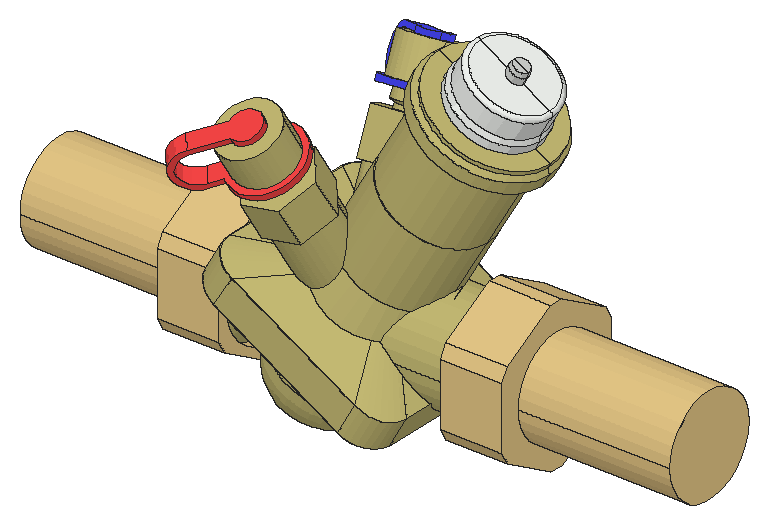
Revit family "РИДАН_Автоматический клапан AQT-R3", category Арматура трубопроводов, Revit 2019
Family settings
  Размер круглого соединителя = Использовать диаметр
  Тип детали = Вставляется
  На основе рабочей плоскости = Нет
  Всегда вертикально = Да
  При загрузке вырезать с полостями = Нет
  Общий = Нет
Parameters (values of type "DN 15 LF с ниппелями")
  Ниппели = yes
  Контакты_Производитель = "info@ridan.ru"  # constant formula
  Изготовитель = "Ридан"  # constant formula
  nip = 1
  h = (a * 2) + (b * 2) + c  # 66.71 mm
  g = size_lookup(LT, "g", 20 mm, ADSK_Диаметр условный, LF_1)  # 22.87 mm
  f = size_lookup(LT, "f", 20 mm, ADSK_Диаметр условный, LF_1)  # 26.3 mm
  e = size_lookup(LT, "e", 20 mm, ADSK_Диаметр условный, LF_1)  # 3.7 mm
  d = size_lookup(LT, "d", 20 mm, ADSK_Диаметр условный, LF_1)  # 24.49 mm
  c = size_lookup(LT, "c", 20 mm, ADSK_Диаметр условный, LF_1)  # 50.69 mm
  b = size_lookup(LT, "b", 20 mm, ADSK_Диаметр условный, LF_1)  # 1.71 mm
  a = size_lookup(LT, "a", 20 mm, ADSK_Диаметр условный, LF_1)  # 6.3 mm
  URL = "https://ridan.ru/"
  LT = "AQT-R3"  # constant formula
  LF_1 = 1
  DP = size_lookup(LT, "DP", 20 mm, ADSK_Диаметр условный, LF_1)  # 20 mm
  ADSK_Расход жидкости = 0.0 L/s
  ADSK_Наименование = size_lookup(LT, "Name", "", ADSK_Диаметр условный, LF_1, nip)  # "Автоматический комбинированный балансировочный клапан AQT-R3 LF с изм. ниппелями, PN16, Tmax=120C, DN15"
  ADSK_Масса_Текст = ""
  ADSK_Масса = size_lookup(LT, "M", 0, ADSK_Диаметр условный, LF_1, nip)  # 0.48
  ADSK_Марка = size_lookup(LT, "Mark", "", ADSK_Диаметр условный, LF_1, nip)  # "AQT-R3 LF DN15"
  ADSK_Количество = 1  # constant formula
  ADSK_Код изделия = size_lookup(LT, "", "", ADSK_Диаметр условный, LF_1, nip)  # "003Z1811R3"
  ADSK_Завод-изготовитель = "ООО «Ридан-Трейд»"  # constant formula
  ADSK_Единица измерения = "шт."
  ADSK_Диаметр условный = 15 mm
  ADSK_Версия семейства = "1.0"  # constant formula
  ADSK_Версия Revit = "2019"  # constant formula
Types (11, lengths in mm): name | Ниппели | nip | h | g | f | e | d | c | a | LF_1 | DP | ADSK_Наименование | ADSK_Масса | ADSK_Марка | ADSK_Код изделия | ADSK_Диаметр условный
  (no name) | yes | 1 | 66.71 | 22.87 | 26.3 | 3.7 | 24.49 | 50.69 | 6.3 | 1 | 20 | "Автоматический комбинированный балансировочный клапан AQT-R3 LF с изм. ниппелями, PN16, Tmax=120C, DN15" | 0.48 | "AQT-R3 LF DN15" | "003Z1811R3" | 15
  DN 15 LF с ниппелями | yes | 1 | 66.71 | 22.87 | 26.3 | 3.7 | 24.49 | 50.69 | 6.3 | 1 | 20 | "Автоматический комбинированный балансировочный клапан AQT-R3 LF с изм. ниппелями, PN16, Tmax=120C, DN15" | 0.48 | "AQT-R3 LF DN15" | "003Z1811R3" | 15
  DN 15 с ниппелями | yes | 1 | 66.71 | 22.87 | 26.3 | 3.7 | 24.49 | 50.69 | 6.3 | 0 | 20 | "Автоматический комбинированный балансировочный клапан AQT-R3 с изм. ниппелями, PN16, Tmax=120C, DN15" | 0.48 | "AQT-R3 DN15" | "003Z1812R3" | 15
  DN 20 с ниппелями | yes | 1 | 83.71 | 29.67 | 33.1 | 4.62 | 31.29 | 64.29 | 8 | 0 | 25 | "Автоматический комбинированный балансировочный клапан AQT-R3 с изм. ниппелями, PN16, Tmax=120C, DN20" | 0.65 | "AQT-R3 DN20" | "003Z1813R3" | 20
  DN 25 с ниппелями | yes | 1 | 105.71 | 38.73 | 42.16 | 5.77 | 40.02 | 81.75 | 10.27 | 0 | 32 | "Автоматический комбинированный балансировочный клапан AQT-R3 с изм. ниппелями, PN16, Tmax=120C, DN25" | 1.45 | "AQT-R3 DN25" | "003Z1814R3" | 25
  DN 32 с ниппелями | yes | 1 | 130 | 44.17 | 47.6 | 7.27 | 51.45 | 102.9 | 11.84 | 0 | 40 | "Автоматический комбинированный балансировочный клапан AQT-R3 с изм. ниппелями, PN16, Tmax=120C, DN32" | 2.21 | "AQT-R3 DN32" | "003Z1815R3" | 32
  DN 15 LF без ниппелей | no | 0 | 66.71 | 22.87 | 26.3 | 3.7 | 24.49 | 50.69 | 6.3 | 1 | 20 | "Автоматический комбинированный балансировочный клапан AQT-R3 LF без изм. ниппелей, PN16, Tmax=120C, DN15" | 0.48 | "AQT-R3 LF DN15" | "003Z1801R3" | 15
  DN 20 без ниппелей | no | 0 | 83.71 | 29.67 | 33.1 | 4.62 | 31.29 | 64.29 | 8 | 0 | 25 | "Автоматический комбинированный балансировочный клапан AQT-R3 без изм. ниппелей, PN16, Tmax=120C, DN20" | 0.65 | "AQT-R3 DN20" | "003Z1803R3" | 20
  DN 25 без ниппелей | no | 0 | 105.71 | 38.73 | 42.16 | 5.77 | 40.02 | 81.75 | 10.27 | 0 | 32 | "Автоматический комбинированный балансировочный клапан AQT-R3 без изм. ниппелей, PN16, Tmax=120C, DN25" | 1.45 | "AQT-R3 DN25" | "003Z1804R3" | 25
  DN 32 без ниппелей | no | 0 | 130 | 44.17 | 47.6 | 7.27 | 51.45 | 102.9 | 11.84 | 0 | 40 | "Автоматический комбинированный балансировочный клапан AQT-R3 без изм. ниппелей, PN16, Tmax=120C, DN32" | 2.21 | "AQT-R3 DN32" | "003Z1805R3" | 32
  DN 15 без ниппелей | no | 0 | 66.71 | 22.87 | 26.3 | 3.7 | 24.49 | 50.69 | 6.3 | 0 | 20 | "Автоматический комбинированный балансировочный клапан AQT-R3 без изм. ниппелей, PN16, Tmax=120C, DN15" | 0.48 | "AQT-R3 DN15" | "003Z1802R3" | 15
Reference planes
  plane 1 "По центру (Вперед/Назад)": y = 0
  plane 2: z = 0
  plane 3 "По центру (Влево/Вправо)": x = 0
  plane 4: x = -32.5
  plane 5: x = -26.2
  plane 6: x = -24.49
  plane 7: x = -3.7
  plane 8: x = 34.21
  plane 9: x = 27.91
  plane 10: x = 26.2
Forms (mm)
  Extrusion 1, solid, material "Латунь корпус", detail levels fine
    sketch origin (0, 0, 0) x (0, 1, 0) y (0, 0, 1)
      loop
        circle (0, 0) r 13.15
    from -32.5 to -26.2
  Blend 2, solid, material "Латунь корпус", detail levels fine
    base sketch origin (0, 0, 0) x (0, 1, 0) y (0, 0, 1)
      loop
        circle (0, 0) r 13.15
    top sketch origin (0, 0, 0) x (0, 1, 0) y (0, 0, 1)
      loop
        circle (0, 0) r 11.435
    from -26.2 to -24.49
  Extrusion 3, solid, material "Латунь корпус", detail levels fine
    sketch origin (0, 0, 0) x (0, 1, 0) y (0, 0, 1)
      loop
        circle (0, 0) r 11.435
    from -24.49 to 26.2
  Blend 4, solid, material "Латунь корпус", detail levels fine
    base sketch origin (0, 0, 0) x (0, 1, 0) y (0, 0, 1)
      loop
        circle (0, 0) r 11.435
    top sketch origin (0, 0, 0) x (0, 1, 0) y (0, 0, 1)
      loop
        circle (0, 0) r 13.15
    from 26.2 to 27.91
  Extrusion 5, solid, material "Латунь корпус", detail levels fine
    sketch origin (0, 0, 0) x (0, 1, 0) y (0, 0, 1)
      loop
        circle (0, 0) r 13.15
    from 27.91 to 34.21
Dimensions and locks
  "e": plane 3 "По центру (Влево/Вправо)" to plane 7
  "d": plane 3 "По центру (Влево/Вправо)" to plane 6
  "b": plane 6 to plane 5
  "a": plane 5 to plane 4
  "c": plane 10 to plane 6
  "b": plane 10 to plane 9
  "a": plane 9 to plane 8
  "f": diameter of Extrusion 1 sketch curve
  "f": diameter of Blend 2 sketch curve
  "g": diameter of Blend 2 sketch curve
  "g": diameter of Extrusion 3 sketch curve
  "g": diameter of Blend 4 sketch curve
  "f": diameter of Blend 4 sketch curve
  "f": diameter of Extrusion 5 sketch curve
  aligned and locked: level to plane 2
  aligned and locked: plane 5 to Extrusion 1
  aligned and locked: Extrusion 1 to plane 4
  aligned and locked: Blend 2 to plane 5
  aligned and locked: plane 6 to Blend 2
  aligned and locked: Extrusion 3 to plane 6
  aligned and locked: Extrusion 3 to plane 10
  aligned and locked: plane 10 to Blend 4
  aligned and locked: Blend 4 to plane 9
  aligned and locked: plane 9 to Extrusion 5
  aligned and locked: Extrusion 5 to plane 8
  aligned and locked: nested 4 to plane 4
  aligned and locked: nested 2 to plane 8
  aligned and locked: nested 6 to plane 4
  aligned and locked: nested 7 to plane 4
Automatic sketch dimensions
  Extrusion 1 sketch curve to level = 0 mm
  Extrusion 1 sketch curve to plane 1 "По центру (Вперед/Назад)" = 0 mm
  Blend 2 sketch curve to level = 0 mm  (x2)
  Blend 2 sketch curve to plane 1 "По центру (Вперед/Назад)" = 0 mm  (x2)
  Extrusion 3 sketch curve to level = 0 mm
  Extrusion 3 sketch curve to plane 1 "По центру (Вперед/Назад)" = 0 mm
  Blend 4 sketch curve to level = 0 mm  (x2)
  Blend 4 sketch curve to plane 1 "По центру (Вперед/Назад)" = 0 mm  (x2)
  Extrusion 5 sketch curve to level = 0 mm
  Extrusion 5 sketch curve to plane 1 "По центру (Вперед/Назад)" = 0 mm
Nested families
  nested 1: "Мембрана" at (-3.7, 0, 0) x (0.866, 0, -0.5) z (0.5, 0, 0.866), DN <- "ADSK_Диаметр условный", Ниппели <- "Ниппели", type "Мембрана"
    with Ниппели yes, n1 10.48 mm, m1 4.25 mm, l1 7.61 mm, k1 5.03 mm, j1 31.25 mm, i1 2.91 mm, h1 19.03 mm, g1 13.21 mm, f1 6.87 mm, e1 31.25 mm, d1 45 mm, c1 12.25 mm, b1 13.9 mm, a1 33.35 mm, a 25 mm, DN 15 mm
  nested 2: "РИДАН_Резьбовой фитинг" at (34.21, 0, 0), DN1 <- "DP", type "Резьбовой присоед. фитинг"
    with SWD1 33 mm, SWD 34.641 mm, SW 30 mm, SN 6, S8 no, S6 yes, L 47 mm, E 38 mm, DN2 15 mm, DN1 20 mm, D2 26.5 mm, D1 21.5 mm, C 13.5 mm, ADSK_Позиция_Комплект 0, ADSK_Группирование ""
  nested 3: "Влж_РИДАН_Резьбовой фитинг" at (34.21, 0, 0), type "Резьбовой присоед. фитинг"
    with DN1 20 mm, ADSK_Позиция_Сортировка 0.001, ADSK_Позиция_Комплект 0, ADSK_Наименование "Резьбовые присоед. фитинги для APT-R DN 15", ADSK_Код изделия "003Z0232R", ADSK_Группирование ""
  nested 4: "РИДАН_Резьбовой фитинг" at (-32.5, 0, 0) x (-1, 0, 0) z (0, 0, -1), DN1 <- "DP", type "Резьбовой присоед. фитинг"
    with SWD1 33 mm, SWD 34.641 mm, SW 30 mm, SN 6, S8 no, S6 yes, L 47 mm, E 38 mm, DN2 15 mm, DN1 20 mm, D2 26.5 mm, D1 21.5 mm, C 13.5 mm, ADSK_Позиция_Комплект 0, ADSK_Группирование ""
  nested 5: "Влж_РИДАН_Резьбовой фитинг" at (-32.5, 0, 0) x (-1, 0, 0) z (0, 0, -1), type "Резьбовой присоед. фитинг"
    with DN1 20 mm, ADSK_Позиция_Сортировка 0.001, ADSK_Позиция_Комплект 0, ADSK_Наименование "Резьбовые присоед. фитинги для APT-R DN 15", ADSK_Код изделия "003Z0232R", ADSK_Группирование ""
  nested 6: "УГО_АТ_Клапан регулирующий проходной" at (0.855, 0, 0), УГО_Длина <- "h", type "УГО_АТ_Клапан регулирующий проходной", detail levels coarse+medium
    with УГО_Стрелка 33.355 mm, УГО_Длина 66.71 mm, h1 38.515 mm, h 19.258 mm, a1 16.678 mm, a 33.355 mm
  nested 7: "УГО_ЭУ_Клапан регулирующий проходной" at (0.855, 0, 0), УГО_Длина <- "h", type "УГО_ЭУ_Клапан регулирующий проходной", detail levels coarse+medium
    with УГО_Длина 66.71 mm, h 38.515 mm, A1 16.678 mm, A 33.355 mm
Connectors
  piping at (-70.5, 0, 0), diameter 15, driven by "ADSK_Диаметр условный", driven by "ADSK_Расход жидкости"
    settings: on nested 4, index 1, connector inside diameter 609.6 mm, connector length 0 mm, flow factor 0, pipe flow 0.0 L/s, pressure drop 0.0 Pa, fitting loss kfactor 0, connector angle 0.00°, fixture units 0, engagement length 0 mm, angle of deflection 0.00°, flow configuration 0, flow direction 1, fitting loss method 0, system type 29, joint type 0, gender type 0, connector reference index 2, connector utility 0, adjustable connector no, is connector primary yes, connector description ""
  piping at (72.21, 0, 0), diameter 15, driven by "ADSK_Диаметр условный", driven by "ADSK_Расход жидкости"
    settings: on nested 2, index 2, connector inside diameter 609.6 mm, connector length 0 mm, flow factor 0, pipe flow 0.0 L/s, pressure drop 0.0 Pa, fitting loss kfactor 0, connector angle 0.00°, fixture units 0, engagement length 0 mm, angle of deflection 0.00°, flow configuration 0, flow direction 2, fitting loss method 0, system type 29, joint type 0, gender type 0, connector reference index 1, connector utility 0, adjustable connector no, is connector primary no, connector description ""
Definition of nested family "Мембрана"
  Parameters (values of type "Мембрана")
    Ниппели [instance] = yes
    n1 [instance] = size_lookup(LT, "n1", 20 mm, DN)  # 10.48 mm
    m1 [instance] = size_lookup(LT, "m1", 20 mm, DN)  # 4.25 mm
    l1 [instance] = size_lookup(LT, "l1", 20 mm, DN)  # 7.61 mm
    k1 [instance] = size_lookup(LT, "k1", 20 mm, DN)  # 5.03 mm
    j1 [instance] = size_lookup(LT, "j1", 20 mm, DN)  # 31.25 mm
    i1 [instance] = size_lookup(LT, "i1", 20 mm, DN)  # 2.91 mm
    h1 [instance] = size_lookup(LT, "h1", 20 mm, DN)  # 19.03 mm
    g1 [instance] = size_lookup(LT, "g1", 20 mm, DN)  # 13.21 mm
    f1 [instance] = size_lookup(LT, "f1", 20 mm, DN)  # 6.87 mm
    e1 [instance] = size_lookup(LT, "e1", 20 mm, DN)  # 31.25 mm
    d1 [instance] = size_lookup(LT, "d1", 20 mm, DN)  # 45 mm
    c1 [instance] = size_lookup(LT, "c1", 20 mm, DN)  # 12.25 mm
    b1 [instance] = size_lookup(LT, "b1", 20 mm, DN)  # 13.9 mm
    a1 [instance] = size_lookup(LT, "a1", 20 mm, DN)  # 33.35 mm
    a [instance] = size_lookup(LT, "a", 20 mm, DN)  # 25 mm
    LT = "AQT-R3_1"  # constant formula
    DN [instance] = 15 mm
  Reference planes
    plane 1 "По центру (Вперед/Назад)": y = 0
    plane 2: z = 0
    plane 3 "По центру (Влево/Вправо)": x = 0
    plane 4: z = 33.35
    plane 5: z = 15.51
    plane 6: z = 9.28
    plane 7: z = 5.03
    plane 8: z = -2.58
    plane 9: z = -13.9
    plane 10: y = 22.5
    plane 11: y = -22.5
    plane 12: y = 15.625
    plane 13: y = -15.625
    plane 14: x = -15.625
    plane 15: x = 15.625
    plane 16: x = -22.5
    plane 17: x = 22.5
    plane 18: x = -9.515
    plane 19: x = -6.605
    plane 20: x = 9.515
    plane 21: x = 6.605
    plane 22: y = 9.515
    plane 23: y = 6.605
    plane 24: y = -9.515
    plane 25: y = -6.605
  Forms (mm)
    Extrusion 1, solid, detail levels fine
      sketch origin (0, 0, 0) x (1, 0, 0) y (0, 1, 0)
        loop
          arc (-15.625, 22.5) -> (-20.488, 20.488) -> (-22.5, 15.625) r 6.87
          line (-22.5, 15.625) -> (-22.5, -15.625)
          arc (-22.5, -15.625) -> (-20.486, -20.486) -> (-15.625, -22.5) r 6.875
          line (-15.625, -22.5) -> (15.625, -22.5)
          arc (15.625, -22.5) -> (20.486, -20.486) -> (22.5, -15.625) r 6.875
          line (22.5, -15.625) -> (22.5, 15.625)
          arc (22.5, 15.625) -> (20.486, 20.486) -> (15.625, 22.5) r 6.875
          line (15.625, 22.5) -> (-15.625, 22.5)
      from -2.58 to 5.03
    Blend 2, solid, detail levels fine
      base sketch origin (0, 0, 0) x (1, 0, 0) y (0, 1, 0)
        loop
          arc (-15.625, 22.5) -> (-20.488, 20.488) -> (-22.5, 15.625) r 6.87
          line (-22.5, 15.625) -> (-22.5, -15.625)
          arc (-22.5, -15.625) -> (-20.486, -20.486) -> (-15.625, -22.5) r 6.875
          line (-15.625, -22.5) -> (15.625, -22.5)
          arc (15.625, -22.5) -> (20.486, -20.486) -> (22.5, -15.625) r 6.875
          line (22.5, -15.625) -> (22.5, 15.625)
          arc (22.5, 15.625) -> (20.486, 20.486) -> (15.625, 22.5) r 6.875
          line (15.625, 22.5) -> (-15.625, 22.5)
      top sketch origin (0, 0, 0) x (1, 0, 0) y (0, 1, 0)
        loop
          arc (-6.605, 9.515) -> (-8.663, 8.663) -> (-9.515, 6.605) r 2.91
          line (-9.515, 6.605) -> (-9.515, -6.605)
          arc (-9.515, -6.605) -> (-8.663, -8.663) -> (-6.605, -9.515) r 2.91
          line (-6.605, -9.515) -> (6.605, -9.515)
          arc (6.605, -9.515) -> (8.663, -8.663) -> (9.515, -6.605) r 2.91
          line (9.515, -6.605) -> (9.515, 6.605)
          arc (9.515, 6.605) -> (8.663, 8.663) -> (6.605, 9.515) r 2.91
          line (6.605, 9.515) -> (-6.605, 9.515)
      from 5.03 to 9.28
    Blend 3, solid, detail levels fine
      base sketch origin (0, 0, 0) x (1, 0, 0) y (0, 1, 0)
        loop
          line (-22.5, 15.625) -> (-22.5, -15.625)
          arc (-22.5, -15.625) -> (-20.486, -20.486) -> (-15.625, -22.5) r 6.875
          line (-15.625, -22.5) -> (15.625, -22.5)
          arc (15.625, -22.5) -> (20.486, -20.486) -> (22.5, -15.625) r 6.875
          line (22.5, -15.625) -> (22.5, 15.625)
          arc (22.5, 15.625) -> (20.486, 20.486) -> (15.625, 22.5) r 6.875
          line (15.625, 22.5) -> (-15.625, 22.5)
          arc (-15.625, 22.5) -> (-20.488, 20.488) -> (-22.5, 15.625) r 6.87
      top sketch origin (0, 0, 0) x (1, 0, 0) y (0, 1, 0)
        loop
          arc (-6.605, 9.515) -> (-8.663, 8.663) -> (-9.515, 6.605) r 2.91
          line (-9.515, 6.605) -> (-9.515, -6.605)
          arc (-9.515, -6.605) -> (-8.663, -8.663) -> (-6.605, -9.515) r 2.91
          line (-6.605, -9.515) -> (6.605, -9.515)
          arc (6.605, -9.515) -> (8.663, -8.663) -> (9.515, -6.605) r 2.91
          line (9.515, -6.605) -> (9.515, 6.605)
          arc (9.515, 6.605) -> (8.663, 8.663) -> (6.605, 9.515) r 2.91
          line (6.605, 9.515) -> (-6.605, 9.515)
      from -2.58 to -13.9
    Blend 4, solid, detail levels fine
      base sketch origin (0, 0, 0) x (1, 0, 0) y (0, 1, 0)
        loop
          circle (0, 0) r 15.625
      top sketch origin (0, 0, 0) x (1, 0, 0) y (0, 1, 0)
        loop
          circle (0, 0) r 12.25
      from 5.03 to 15.51
    Extrusion 5, solid, detail levels fine
      sketch origin (0, 0, 0) x (1, 0, 0) y (0, 1, 0)
        loop
          circle (0, 0) r 12.25
      from -13.9 to 33.35
    Revolve 6, solid, detail levels fine
      sketch origin (0, 0, 0) x (1, 0, 0) y (0, 0, 1)
        loop
          line (0, -13.9) -> (0, -26.15)
          arc (0, -26.15) -> (8.662, -22.562) -> (12.25, -13.9) r 12.25
          line (12.25, -13.9) -> (0, -13.9)
        axis (0, -13.9) -> (0, -26.15)
      angle from 0 to 360
  Cuts and joins
    joined: Blend 4, Extrusion 5, Revolve 6
  Lines and regions (mm)
    reference lines
      curve 1: line (0, 0, 0) -> (-5, 0, 8.66)
  Dimensions and locks
    "k1": plane 7 to plane 2
    "l1": plane 7 to plane 8
    "b1": plane 2 to plane 9
    "m1": plane 6 to plane 7
    "n1": plane 5 to plane 7
    "a1": plane 4 to plane 2
    equal spacing: plane 10, plane 1 "По центру (Вперед/Назад)", plane 11
    "d1": plane 10 to plane 11
    equal spacing: plane 12, plane 1 "По центру (Вперед/Назад)", plane 13
    "e1": plane 12 to plane 13
    equal spacing: plane 14, plane 3 "По центру (Влево/Вправо)", plane 15
    "e1": plane 14 to plane 15
    equal spacing: plane 16, plane 3 "По центру (Влево/Вправо)", plane 17
    "d1": plane 16 to plane 17
    equal spacing: plane 23, plane 1 "По центру (Вперед/Назад)", plane 25
    "g1": plane 23 to plane 25
    equal spacing: plane 22, plane 1 "По центру (Вперед/Назад)", plane 24
    "h1": plane 22 to plane 24
    equal spacing: plane 19, plane 3 "По центру (Влево/Вправо)", plane 21
    "g1": plane 19 to plane 21
    equal spacing: plane 18, plane 3 "По центру (Влево/Вправо)", plane 20
    "h1": plane 18 to plane 20
    "c1": Revolve 6 sketch curve to Revolve 6 sketch curve
    "j1": diameter of Blend 4 sketch curve
    "c1": radius of Blend 4 sketch curve
    "c1": radius of Extrusion 5 sketch curve
    "c1": radius of Revolve 6 sketch curve
    aligned and locked: level to plane 2
    aligned and locked: Extrusion 1 sketch curve to plane 10
    aligned and locked: plane 14 to Extrusion 1 sketch curve  (x3)
    aligned and locked: plane 15 to Extrusion 1 sketch curve  (x4)
    aligned and locked: plane 11 to Extrusion 1 sketch curve
    aligned and locked: Extrusion 1 sketch curve to plane 16
    aligned and locked: plane 12 to Extrusion 1 sketch curve  (x3)
    aligned and locked: plane 13 to Extrusion 1 sketch curve  (x3)
    aligned and locked: Extrusion 1 to plane 8
    aligned and locked: Blend 2 sketch curve to plane 22
    aligned and locked: plane 20 to Blend 2 sketch curve
    aligned and locked: Blend 2 sketch curve to plane 24
    aligned and locked: Blend 2 sketch curve to plane 18
    aligned and locked: plane 19 to Blend 2 sketch curve  (x3)
    aligned and locked: plane 21 to Blend 2 sketch curve  (x4)
    aligned and locked: plane 23 to Blend 2 sketch curve  (x4)
    aligned and locked: plane 25 to Blend 2 sketch curve  (x4)
    aligned and locked: Blend 3 to plane 9
    aligned and locked: plane 6 to Blend 2
    aligned and locked: Blend 2 to plane 7
    aligned and locked: plane 7 to Extrusion 1
    aligned and locked: plane 8 to Blend 3
    aligned and locked: Blend 4 to plane 7
    aligned and locked: plane 5 to Blend 4
    aligned and locked: plane 4 to Extrusion 5
    aligned and locked: Revolve 6 sketch curve to plane 9
    aligned and locked: plane 3 "По центру (Влево/Вправо)" to Revolve 6 sketch curve
    aligned and locked: Extrusion 5 to plane 9
    aligned and locked: nested 1 to plane 4
  Automatic sketch dimensions
    plane 12 to Extrusion 1 sketch curve = 0.005 mm
    plane 13 to Blend 2 sketch curve = 0 mm  (x2)
    Blend 2 sketch curve to plane 16 = 0 mm
    Blend 2 sketch curve to plane 14 = 0 mm  (x2)
    Blend 2 sketch curve to plane 10 = 0 mm
    Blend 2 sketch curve to plane 15 = 0 mm  (x2)
    Blend 2 sketch curve to plane 12 = 0 mm
    plane 12 to Blend 2 sketch curve = 0.005 mm
    Blend 3 sketch curve to plane 12 = 0 mm  (x2)
    Blend 3 sketch curve to plane 16 = 0 mm
    plane 13 to Blend 3 sketch curve = 0 mm
    Blend 3 sketch curve to plane 14 = 0 mm  (x2)
    Blend 3 sketch curve to plane 10 = 0 mm
    Blend 3 sketch curve to plane 15 = 0 mm  (x2)
    plane 12 to Blend 3 sketch curve = 0.005 mm
    Blend 3 sketch curve to plane 18 = 0 mm
    Blend 3 sketch curve to plane 19 = 0 mm  (x2)
    Blend 3 sketch curve to plane 21 = 0 mm  (x2)
    Blend 3 sketch curve to plane 20 = 0 mm
    plane 24 to Blend 3 sketch curve = 0 mm
    Blend 3 sketch curve to plane 23 = 0 mm
    curve 1 to level = 0 mm
    curve 1 to plane 3 "По центру (Влево/Вправо)" = 0 mm
    curve 1 to plane 6 = 0.62 mm
    plane 19 to curve 1 = 1.605 mm
    plane 1 "По центру (Вперед/Назад)" to Blend 4 sketch curve = 0 mm  (x2)
    Blend 4 sketch curve to plane 3 "По центру (Влево/Вправо)" = 0 mm  (x2)
    plane 1 "По центру (Вперед/Назад)" to Extrusion 5 sketch curve = 0 mm
    Extrusion 5 sketch curve to plane 3 "По центру (Влево/Вправо)" = 0 mm
    Revolve 6 sketch curve to plane 3 "По центру (Влево/Вправо)" = 0 mm
    Revolve 6 sketch curve to Revolve 6 sketch curve = 5.889 mm
    level to Revolve 6 sketch curve = 1.768 mm
  Nested families
    nested 1: "Шток" at (0, 0, 33.35), type "Шток"
    nested 2: "Ниппель" at (-2.292, -2.292, 3.158) x (0.5, 0.5, 0.7071) z (-0.5, -0.5, 0.7071), a <- "a", visible <- "Ниппели", type "Красный"
      with a 25 mm
    nested 3: "Ниппель" at (0, 0, 0) x (0.5, -0.5, 0.7071) z (-0.5, 0.5, 0.7071), a <- "a", visible <- "Ниппели", type "Синий"
      with a 25 mm
  Definition of nested family "Шток"
    Reference planes
      plane 1 "По центру (Вперед/Назад)": y = 0
      plane 2: z = 0
      plane 3 "По центру (Влево/Вправо)": x = 0
    Forms (mm)
      Revolve 1, solid, detail levels fine
        sketch origin (0, 0, 0) x (1, 0, 0) y (0, 0, 1)
          loop
            line (-12.25, 17.912) -> (-12.25, 0) -> (0, 0) -> (0, 24.5) -> (-14, 24.5) -> (-14, 23.5) -> (-15, 22.5) -> (-15, 19.5) -> (-12.25, 17.912)
          axis (0, 24.5) -> (0, 0)
        angle from 0 to 360
      Revolve 2, solid, detail levels fine
        sketch origin (0, 0, 0) x (1, 0, 0) y (0, 0, 1)
          loop
            line (-10.2, 26.493) -> (-10.2, 24.5) -> (0, 24.5) -> (0, 33.412) -> (-8.77, 33.412)
            arc (-8.77, 33.412) -> (-9.422, 33.142) -> (-9.692, 32.49) r 0.922
            line (-9.692, 32.49) -> (-9.692, 27.816) -> (-10.2, 26.493)
          axis (0, 33.412) -> (0, 24.5)
        angle from 0 to 360
      Revolve 3, solid, detail levels fine
        sketch origin (0, 0, 0) x (1, 0, 0) y (0, 0, 1)
          loop
            line (-2, 33.153) -> (0, 33.153) -> (0, 36.2) -> (-1.732, 36.2) -> (-2, 35.2) -> (-2, 33.153)
          axis (0, 36.2) -> (0, 33.153)
        angle from 0 to 360
    Dimensions and locks
      aligned and locked: level to plane 2
  Definition of nested family "Ниппель"
    Parameters (values of type "Красный")
      Цвет = none
      m = 14 mm
      a [instance] = 25 mm
    Types (3, lengths in mm): name | a
      (no name) | 25
      Красный | 25
      Синий | 12.631
    Reference planes
      plane 1 "По центру (Вперед/Назад)": y = 0
      plane 2: z = 0
      plane 3 "По центру (Влево/Вправо)": x = 0
      plane 4: z = 25
    Forms (mm)
      Extrusion 1, solid, detail levels fine
        sketch origin (0, 0, 25) x (1, 0, 0) y (0, 1, 0)
          loop
            line (0, 8.083) -> (-7, 4.041) -> (-7, -4.041) -> (0, -8.083) -> (7, -4.041) -> (7, 4.041) -> (0, 8.083)
        from 0 to 9.815
      Revolve 2, solid, detail levels fine
        sketch origin (0, 0, 25) x (1, 0, 0) y (0, 0, 1)
          loop
            line (-4.72, 13.704) -> (-4.72, 11.423) -> (-3.751, 10.864) -> (-3.751, 9.815) -> (0, 9.815) -> (0, 13.704) -> (-4.72, 13.704)
          axis (0, 13.704) -> (0, 9.815)
        angle from 0 to 360
      Extrusion 3, solid, detail levels fine
        sketch origin (0, 0, 25) x (1, 0, 0) y (0, 1, 0)
          loop
            circle (0, 0) r 6.663
        from 15.045 to 23.344
      Extrusion 4, solid, material <- "Цвет", detail levels fine
        sketch origin (0, 0, 25) x (1, 0, 0) y (0, 1, 0)
          loop
            circle (0, 0) r 8.083
        from 13.704 to 15.045
      Extrusion 5, solid, material <- "Цвет", detail levels fine
        sketch origin (0, 0, 25) x (1, 0, 0) y (0, 1, 0)
          loop
            circle (0, 0) r 3.464
        from 23.344 to 24.6
      Extrusion 6, solid, material <- "Цвет", detail levels fine
        sketch origin (0, 0, 25) x (1, 0, 0) y (0, 0, 1)
          loop
            line (0, 24.6) -> (-10.932, 24.6)
            arc (-10.932, 24.6) -> (-16.38, 19.152) -> (-10.932, 13.704) r 5.448
            line (-10.932, 13.704) -> (0, 13.704) -> (0, 15.045) -> (-10.932, 15.045)
            arc (-10.932, 15.045) -> (-15.082, 19.194) -> (-10.932, 23.344) r 4.15
            line (-10.932, 23.344) -> (0, 23.344) -> (0, 24.6)
        from -2 to 1.955
      Extrusion 7, solid, detail levels fine
        sketch origin (0, 0, 14) x (1, 0, 0) y (0, 1, 0)
          loop
            circle (0, 0) r 6.663
        from -14 to 11
      Extrusion 8, solid, not visible, detail levels fine
        sketch origin (0, 0, 15) x (1, 0, 0) y (0, 1, 0)
          loop
            line (0, 8.083) -> (-7, 4.041) -> (-7, -4.041) -> (0, -8.083) -> (7, -4.041) -> (7, 4.041) -> (0, 8.083)
        from 0 to 9.815
      Revolve 9, solid, not visible, detail levels fine
        sketch origin (0, 0, 15) x (1, 0, 0) y (0, 0, 1)
          loop
            line (-4.72, 13.704) -> (-4.72, 11.423) -> (-3.751, 10.864) -> (-3.751, 9.815) -> (0, 9.815) -> (0, 13.704) -> (-4.72, 13.704)
          axis (0, 13.704) -> (0, 9.815)
        angle from 0 to 360
      Extrusion 10, solid, not visible, detail levels fine
        sketch origin (0, 0, 15) x (1, 0, 0) y (0, 1, 0)
          loop
            circle (0, 0) r 6.663
        from 15.045 to 23.344
      Extrusion 11, solid, material <- "Цвет", not visible, detail levels fine
        sketch origin (0, 0, 15) x (1, 0, 0) y (0, 1, 0)
          loop
            circle (0, 0) r 8.083
        from 13.704 to 15.045
      Extrusion 12, solid, material <- "Цвет", not visible, detail levels fine
        sketch origin (0, 0, 15) x (1, 0, 0) y (0, 1, 0)
          loop
            circle (0, 0) r 3.464
        from 23.344 to 24.6
      Extrusion 13, solid, material <- "Цвет", not visible, detail levels fine
        sketch origin (0, 0, 15) x (1, 0, 0) y (0, 0, 1)
          loop
            line (0, 24.6) -> (-10.932, 24.6)
            arc (-10.932, 24.6) -> (-16.38, 19.152) -> (-10.932, 13.704) r 5.448
            line (-10.932, 13.704) -> (0, 13.704) -> (0, 15.045) -> (-10.932, 15.045)
            arc (-10.932, 15.045) -> (-15.082, 19.194) -> (-10.932, 23.344) r 4.15
            line (-10.932, 23.344) -> (0, 23.344) -> (0, 24.6)
        from -2 to 1.955
    Cuts and joins
      joined: Extrusion 4, Extrusion 5, Extrusion 6
    Dimensions and locks
      Extrusion 1 sketch curve to Extrusion 1 sketch curve = 14 mm
      "m": Extrusion 1 sketch curve to Extrusion 1 sketch curve  (x3)
      "a": plane 4 to plane 2
      Extrusion 8 sketch curve to Extrusion 8 sketch curve = 14 mm
      "m": Extrusion 8 sketch curve to Extrusion 8 sketch curve  (x3)
      angle Extrusion 1 sketch curve to Extrusion 1 sketch curve = 120.00°  (x6)
      angle Extrusion 8 sketch curve to Extrusion 8 sketch curve = 120.00°  (x6)
      aligned and locked: level to plane 2
      aligned and locked: Extrusion 7 to plane 2
      aligned and locked: plane 4 to Extrusion 7
      aligned and locked: Extrusion 1 to plane 4
    Automatic sketch dimensions
      Revolve 2 sketch curve to Revolve 2 sketch curve = 0.969 mm
      Revolve 2 sketch curve to Revolve 2 sketch curve = 1.048 mm
      Revolve 2 sketch curve to Revolve 2 sketch curve = 0.56 mm
      Revolve 2 sketch curve to Revolve 2 sketch curve = 3.889 mm
      Revolve 2 sketch curve to Revolve 2 sketch curve = 2.136 mm
      Revolve 2 sketch curve to Revolve 2 sketch curve = 0.641 mm
      Extrusion 6 sketch curve to Extrusion 6 sketch curve = 0 mm  (x2)
      Extrusion 6 sketch curve to Extrusion 6 sketch curve = 1.341 mm
      Extrusion 6 sketch curve to Extrusion 6 sketch curve = 4.107 mm
      Extrusion 6 sketch curve to Extrusion 6 sketch curve = 0.042 mm
      plane 1 "По центру (Вперед/Назад)" to Extrusion 7 sketch curve = 0 mm
      Extrusion 7 sketch curve to plane 3 "По центру (Влево/Вправо)" = 0 mm
      Extrusion 1 sketch curve to Extrusion 1 sketch curve = 7 mm
      Revolve 2 sketch curve to Revolve 2 sketch curve = 3.751 mm
      Revolve 2 sketch curve to Revolve 2 sketch curve = 0 mm
      Extrusion 6 sketch curve to Extrusion 6 sketch curve = 10.932 mm
      Revolve 9 sketch curve to Revolve 9 sketch curve = 0.969 mm
      Revolve 9 sketch curve to Revolve 9 sketch curve = 1.048 mm
      Revolve 9 sketch curve to Revolve 9 sketch curve = 0.56 mm
      Revolve 9 sketch curve to Revolve 9 sketch curve = 3.889 mm
      Revolve 9 sketch curve to Revolve 9 sketch curve = 2.136 mm
      Revolve 9 sketch curve to Revolve 9 sketch curve = 0.641 mm
      Extrusion 13 sketch curve to Extrusion 13 sketch curve = 0 mm  (x2)
      Extrusion 13 sketch curve to Extrusion 13 sketch curve = 1.341 mm
      Extrusion 13 sketch curve to Extrusion 13 sketch curve = 4.107 mm
      Extrusion 13 sketch curve to Extrusion 13 sketch curve = 0.042 mm
      Extrusion 8 sketch curve to Extrusion 8 sketch curve = 7 mm
      Revolve 9 sketch curve to Revolve 9 sketch curve = 3.751 mm
      Revolve 9 sketch curve to Revolve 9 sketch curve = 0 mm
      Extrusion 13 sketch curve to Extrusion 13 sketch curve = 10.932 mm
      radius of Extrusion 3 sketch curve = 6.663 mm
      radius of Extrusion 4 sketch curve = 8.083 mm
      radius of Extrusion 5 sketch curve = 3.464 mm
      radius of Extrusion 7 sketch curve = 6.663 mm
      radius of Extrusion 10 sketch curve = 6.663 mm
      radius of Extrusion 11 sketch curve = 8.083 mm
      radius of Extrusion 12 sketch curve = 3.464 mm
Definition of nested family "РИДАН_Резьбовой фитинг"
  Parameters (values of type "Резьбовой присоед. фитинг")
    Фитинг = yes
    Контакты_Разработчик = "support@bimlib.pro"  # constant formula
    Контакты_Производитель = "info@ridan.ru"  # constant formula
    SWD1 [instance] = size_lookup(LT, "SWD", 33 mm, DN1, DN2)  # 40 mm
    SWD [instance] = SW / cos(180.00° / SN)  # 42.724 mm
    SW [instance] = size_lookup(LT, "SW", 30 mm, DN1, DN2)  # 37 mm
    SN [instance] = if(and(DN2 > 20 mm, DN2 < 40 mm), 8, 6)  # 6
    S8 [instance] = SN = 8  # no
    S6 [instance] = SN = 6  # yes
    LT = "APT-R_MK"  # constant formula
    L [instance] = size_lookup(LT, "L", 47 mm, DN1, DN2)  # 51 mm
    E [instance] = size_lookup(LT, "E", 38 mm, DN1, DN2)  # 41 mm
    DN2 [instance] = size_lookup(LT, "DN2", 25 mm, DN1)  # 20 mm
    DN1 [instance] = 25 mm
    D2 [instance] = size_lookup(LT, "DH2", 26.4 mm, DN1, DN2)  # 33.3 mm
    D1 [instance] = size_lookup(LT, "DH1", 21 mm, DN1, DN2)  # 26.5 mm
    C [instance] = size_lookup(LT, "C", 13 mm, DN1, DN2)  # 15.6 mm
    ADSK_Позиция_Комплект [instance] = 0
    ADSK_Материал = none
    ADSK_Группирование [instance] = ""
    ADSK_Версия семейства = "1.0"  # constant formula
    ADSK_Версия Revit = "2019"  # constant formula
  Reference planes
    plane 1 "По центру (Вперед/Назад)": y = 0
    plane 2: z = 0
    plane 3 "По центру (Влево/Вправо)": x = 0
    plane 4: x = -10
    plane 5: x = 5.6
    plane 6: x = 41
  Forms (mm)
    Extrusion 1, solid, material <- "ADSK_Материал", visible <- "S6", detail levels fine
      sketch origin (0, 0, 0) x (0, 1, 0) y (0, 0, 1)
        loop
          line (-18.5, -10.681) -> (0, -21.362) -> (18.5, -10.681) -> (18.5, 10.681) -> (0, 21.362) -> (-18.5, 10.681) -> (-18.5, -10.681)
      from -10 to 5.6
    Extrusion 2, solid, material <- "ADSK_Материал", visible <- "S8", detail levels fine
      sketch origin (0, 0, 0) x (0, 1, 0) y (0, 0, 1)
        loop
          line (-7.663, 18.5) -> (-18.5, 7.663) -> (-18.5, -7.663) -> (-7.663, -18.5) -> (7.663, -18.5) -> (18.5, -7.663) -> (18.5, 7.663) -> (7.663, 18.5) -> (-7.663, 18.5)
      from -10 to 5.6
    Extrusion 3, void, detail levels fine
      sketch origin (0, 0, 0) x (0, 1, 0) y (0, 0, 1)
        loop
          circle (0, 0) r 21.362
        loop
          circle (0, 0) r 20
      from 5.6 to -10
    Extrusion 4, solid, material <- "ADSK_Материал", detail levels fine
      sketch origin (0, 0, 0) x (0, 1, 0) y (0, 0, 1)
        loop
          circle (0, 0) r 13.25
      from 5.6 to 41
    Extrusion 5, void
      sketch origin (0, 0, 0) x (0, 1, 0) y (0, 0, 1)
        loop
          circle (0, 0) r 16.65
      from 0 to -10
  Cuts and joins
    Extrusion 3, Extrusion 5 cuts Extrusion 2
    Extrusion 3, Extrusion 5 cuts Extrusion 1
    Extrusion 5 cuts Extrusion 4
  Lines and regions (mm)
    model lines, detail levels coarse+medium
      curve 1: line (0, 0, 0) -> (41, 0, 0)
  Dimensions and locks
    "L": plane 4 to plane 6
    "C": plane 4 to plane 5
    equal spacing: Extrusion 1 sketch curve, plane 1 "По центру (Вперед/Назад)", Extrusion 1 sketch curve  (x3)
    "SW": Extrusion 1 sketch curve to Extrusion 1 sketch curve  (x3)
    equal spacing: Extrusion 2 sketch curve, level, Extrusion 2 sketch curve
    "SW": Extrusion 2 sketch curve to Extrusion 2 sketch curve  (x4)
    equal spacing: Extrusion 2 sketch curve, plane 1 "По центру (Вперед/Назад)", Extrusion 2 sketch curve  (x3)
    "E": plane 3 "По центру (Влево/Вправо)" to plane 6
    "SWD": diameter of Extrusion 3 sketch curve
    "SWD1": diameter of Extrusion 3 sketch curve
    "D1": diameter of Extrusion 4 sketch curve
    "D2": diameter of Extrusion 5 sketch curve
    angle Extrusion 1 sketch curve to Extrusion 1 sketch curve = 120.00°  (x6)
    angle Extrusion 2 sketch curve to Extrusion 2 sketch curve = 135.00°  (x8)
    aligned and locked: level to plane 2
    aligned and locked: Extrusion 2 to plane 4
    aligned and locked: plane 5 to Extrusion 2
    aligned and locked: Extrusion 3 to plane 5
    aligned and locked: Extrusion 3 to plane 4
    aligned and locked: plane 5 to cut or joined group of Extrusion 1, Extrusion 3, Extrusion 5
    aligned and locked: cut or joined group of Extrusion 1, Extrusion 3, Extrusion 5 to plane 4
    aligned and locked: Extrusion 4 to plane 5
    aligned and locked: plane 6 to Extrusion 4
    aligned and locked: plane 4 to Extrusion 5
    aligned and locked: plane 6 to curve 1
    aligned and locked: plane 3 "По центру (Влево/Вправо)" to curve 1
    aligned and locked: plane 1 "По центру (Вперед/Назад)" to curve 1
    aligned and locked: plane 3 "По центру (Влево/Вправо)" to cut or joined group of Extrusion 1, Extrusion 3, Extrusion 5
  Automatic sketch dimensions
    Extrusion 3 sketch curve to Extrusion 3 sketch curve = 0 mm  (x2)
    Extrusion 3 sketch curve to level = 0 mm
    Extrusion 3 sketch curve to plane 1 "По центру (Вперед/Назад)" = 0 mm
    Extrusion 4 sketch curve to level = 0 mm
    Extrusion 4 sketch curve to plane 1 "По центру (Вперед/Назад)" = 0 mm
    Extrusion 5 sketch curve to level = 0 mm
    Extrusion 5 sketch curve to plane 1 "По центру (Вперед/Назад)" = 0 mm
  Nested families
    nested 1: "Влж_РИДАН_Резьбовой фитинг" at (0, 0, 0), DN1 <- "DN1", ADSK_Группирование <- "ADSK_Группирование", ADSK_Позиция_Комплект <- "ADSK_Позиция_Комплект", visible <- "Фитинг", type "Резьбовой присоед. фитинг"
      with DN1 25 mm, ADSK_Позиция_Сортировка 0.001, ADSK_Позиция_Комплект 0, ADSK_Наименование "Резьбовые присоед. фитинги для APT-R DN 20", ADSK_Код изделия "003Z0233R", ADSK_Группирование ""
  Definition of nested family "Влж_РИДАН_Резьбовой фитинг"
    Parameters (values of type "Резьбовой присоед. фитинг")
      Контакты_Разработчик = "support@bimlib.pro"  # constant formula
      Контакты_Производитель = "info@ridan.ru"  # constant formula
      LT = "APT-R_MK"  # constant formula
      DN1 [instance] = 32 mm
      ADSK_Позиция_Сортировка [instance] = ADSK_Позиция_Комплект + 0.001  # 0.001
      ADSK_Позиция_Комплект [instance] = 0
      ADSK_Наименование [instance] = size_lookup(LT, "Name", "Не найдено: накидная гайка НР", DN1)  # "Резьбовые присоед. фитинги для APT-R DN 25"
      ADSK_Масса_Текст = ""
      ADSK_Марка = ""
      ADSK_Количество = 1  # constant formula
      ADSK_Код изделия [instance] = size_lookup(LT, "", "", DN1)  # "003Z0234R"
      ADSK_Завод-изготовитель = "ООО «Ридан-Трейд»"  # constant formula
      ADSK_Единица измерения = "шт."
      ADSK_Группирование [instance] = ""
      ADSK_Версия семейства = "1.0"  # constant formula
      ADSK_Версия Revit = "2019"  # constant formula
    Reference planes
      plane 1 "По центру (Вперед/Назад)": y = 0
      plane 2: z = 0
      plane 3 "По центру (Влево/Вправо)": x = 0
    Dimensions and locks
      aligned and locked: level to plane 2
Definition of nested family "УГО_АТ_Клапан регулирующий проходной"
  Parameters (values of type "УГО_АТ_Клапан регулирующий проходной")
    УГО_Стрелка [instance] = УГО_Длина / 2  # 50 mm
    УГО_Длина [instance] = 100 mm
    h1 [instance] = a / cos(30.00°)  # 57.735 mm
    h [instance] = a1 / cos(30.00°)  # 28.868 mm
    a1 [instance] = УГО_Длина / 4  # 25 mm
    a [instance] = УГО_Длина / 2  # 50 mm
  Reference planes
    plane 1 "По центру (Вперед/Назад)": y = 0
    plane 2: z = 0
    plane 3 "По центру (Влево/Вправо)": x = 0
    plane 4: x = -50
    plane 5: x = 50
    plane 6: x = -50
    plane 7: x = 50
    plane 8: z = 28.868
    plane 9: z = -28.868
  Forms (mm)
    Extrusion 1, solid
      sketch origin (0, 0, 0) x (1, 0, 0) y (0, 0, 1)
        loop
          line (0, 0) -> (-50, 28.868) -> (-50, -28.868) -> (0, 0)
      from -0.5 to 0.5
    Extrusion 2, solid
      sketch origin (0, 0, 0) x (-1, 0, 0) y (0, 0, -1)
        loop
          line (0, 0) -> (-50, 28.868) -> (-50, -28.868) -> (0, 0)
      from -0.5 to 0.5
  Lines and regions (mm)
    model lines
      curve 1: line (0, 0, 0) -> (0, 0, 50)
      curve 2: line (0, 0, 0) -> (-6.47, 0, 24.148)
      curve 3: line (0, 0, 0) -> (6.47, 0, 24.148)
  Dimensions and locks
    "a": plane 3 "По центру (Влево/Вправо)" to plane 4
    "a": plane 5 to plane 3 "По центру (Влево/Вправо)"
    equal spacing: plane 7, plane 3 "По центру (Влево/Вправо)", plane 6
    "УГО_Длина": plane 7 to plane 6
    "УГО_Стрелка": curve 1 to plane 2
    "a1": curve 3 to curve 3
    "a1": curve 2 to curve 2
    equal spacing: plane 8, level, plane 9
    "h1": plane 8 to plane 9
    locked: plane 2 to Extrusion 2 sketch curve (angle 30.00°)
    locked: Extrusion 2 sketch curve to plane 2 (angle 30.00°)
    locked: Extrusion 1 sketch curve to plane 2 (angle 30.00°)
    locked: plane 2 to Extrusion 1 sketch curve (angle 30.00°)
    locked: plane 2 to curve 3 (angle 75.00°)
    locked: curve 2 to plane 2 (angle 75.00°)
    aligned and locked: level to plane 2
    aligned and locked: Extrusion 1 sketch curve to plane 4
    aligned and locked: plane 5 to Extrusion 2 sketch curve
  Automatic sketch dimensions
    curve 2 to level = 0 mm
    curve 2 to plane 3 "По центру (Влево/Вправо)" = 0 mm
    Extrusion 1 sketch curve to level = 0 mm
    Extrusion 1 sketch curve to plane 3 "По центру (Влево/Вправо)" = 0 mm
    Extrusion 2 sketch curve to level = 0 mm
    Extrusion 2 sketch curve to plane 3 "По центру (Влево/Вправо)" = 0 mm
Definition of nested family "Влж_РИДАН_Резьбовой фитинг"
  Parameters (values of type "Резьбовой присоед. фитинг")
    Контакты_Разработчик = "support@bimlib.pro"  # constant formula
    Контакты_Производитель = "info@ridan.ru"  # constant formula
    LT = "APT-R_MK"  # constant formula
    DN1 [instance] = 32 mm
    ADSK_Позиция_Сортировка [instance] = ADSK_Позиция_Комплект + 0.001  # 0.001
    ADSK_Позиция_Комплект [instance] = 0
    ADSK_Наименование [instance] = size_lookup(LT, "Name", "Не найдено: накидная гайка НР", DN1)  # "Резьбовые присоед. фитинги для APT-R DN 25"
    ADSK_Масса_Текст = ""
    ADSK_Марка = ""
    ADSK_Количество = 1  # constant formula
    ADSK_Код изделия [instance] = size_lookup(LT, "", "", DN1)  # "003Z0234R"
    ADSK_Завод-изготовитель = "ООО «Ридан-Трейд»"  # constant formula
    ADSK_Единица измерения = "шт."
    ADSK_Группирование [instance] = ""
    ADSK_Версия семейства = "1.0"  # constant formula
    ADSK_Версия Revit = "2019"  # constant formula
  Reference planes
    plane 1 "По центру (Вперед/Назад)": y = 0
    plane 2: z = 0
    plane 3 "По центру (Влево/Вправо)": x = 0
  Dimensions and locks
    aligned and locked: level to plane 2
Definition of nested family "УГО_ЭУ_Клапан регулирующий проходной"
  Parameters (values of type "УГО_ЭУ_Клапан регулирующий проходной")
    УГО_Длина [instance] = 100 mm
    h [instance] = A / cos(30.00°)  # 57.735 mm
    A1 [instance] = A / 2  # 25 mm
    A [instance] = УГО_Длина / 2  # 50 mm
  Reference planes
    plane 1 "По центру (Вперед/Назад)": y = 0
    plane 2: z = 0
    plane 3 "По центру (Влево/Вправо)": x = 0
    plane 4: x = -50
    plane 5: x = 50
    plane 6: y = 50
  Lines and regions (mm)
    Filled region 1, type "Сплошная заливка - Чёрный", in view "Опорный уровень"
      outline origin (0, 0, 0) x (1, 0, 0) y (0, 1, 0)
        loop
          line (0, 0) -> (6.47, 24.148) -> (-6.47, 24.148) -> (0, 0)
    Filled region 2, type "Сплошная заливка - Белый", in view "Опорный уровень"
      outline origin (0, 0, 0) x (1, 0, 0) y (0, 1, 0)
        loop
          line (0, 0) -> (-50, 28.868) -> (-50, -28.868) -> (0, 0)
    Filled region 3, type "Сплошная заливка - Белый", in view "Опорный уровень"
      outline origin (0, 0, 0) x (1, 0, 0) y (0, 1, 0)
        loop
          line (0, 0) -> (50, -28.868) -> (50, 28.868) -> (0, 0)
    detail lines, in view "Опорный уровень"
      curve 1: line (0, 0, 0) -> (50, 28.868, 0)
      curve 2: line (50, 28.868, 0) -> (50, -28.868, 0)
      curve 3: line (0, 0, 0) -> (50, -28.868, 0)
      curve 4: line (0, 0, 0) -> (-50, 28.868, 0)
      curve 5: line (0, 0, 0) -> (-50, -28.868, 0)
      curve 6: line (-50, 28.868, 0) -> (-50, -28.868, 0)
      curve 7: line (0, 50, 0) -> (0, 0, 0)
      curve 8: line (0, 0, 0) -> (-6.47, 24.148, 0)
      curve 9: line (0, 0, 0) -> (6.47, 24.148, 0)
      curve 10: line (-6.47, 24.148, 0) -> (6.47, 24.148, 0)
  Dimensions and locks
    equal spacing: plane 4, plane 3 "По центру (Влево/Вправо)", plane 5
    "УГО_Длина": plane 4 to plane 5
    "A": plane 1 "По центру (Вперед/Назад)" to plane 6
    "A1": curve 8 to curve 8
    "A1": curve 9 to curve 9
    locked: plane 1 "По центру (Вперед/Назад)" to curve 1 (angle 30.00°)
    locked: curve 3 to plane 1 "По центру (Вперед/Назад)" (angle 30.00°)
    locked: curve 4 to plane 1 "По центру (Вперед/Назад)" (angle 30.00°)
    locked: plane 1 "По центру (Вперед/Назад)" to curve 5 (angle 30.00°)
    locked: plane 1 "По центру (Вперед/Назад)" to curve 9 (angle 75.00°)
    locked: curve 8 to plane 1 "По центру (Вперед/Назад)" (angle 75.00°)
    aligned and locked: plane 5 to curve 2
    aligned and locked: curve 6 to plane 4
    aligned and locked: curve 7 to plane 3 "По центру (Влево/Вправо)"
    aligned and locked: plane 6 to curve 7
    aligned and locked: plane 1 "По центру (Вперед/Назад)" to curve 7
    aligned and locked: Filled region 1 sketch curve to curve 9
    aligned and locked: Filled region 1 sketch curve to curve 10
    aligned and locked: Filled region 1 sketch curve to curve 8
    aligned and locked: Filled region 2 sketch curve to curve 6
    aligned and locked: curve 4 to Filled region 2 sketch curve
    aligned and locked: Filled region 3 sketch curve to curve 1
    aligned and locked: Filled region 3 sketch curve to curve 2
    aligned and locked: Filled region 3 sketch curve to curve 3
    aligned and locked: Filled region 2 sketch curve to curve 5
